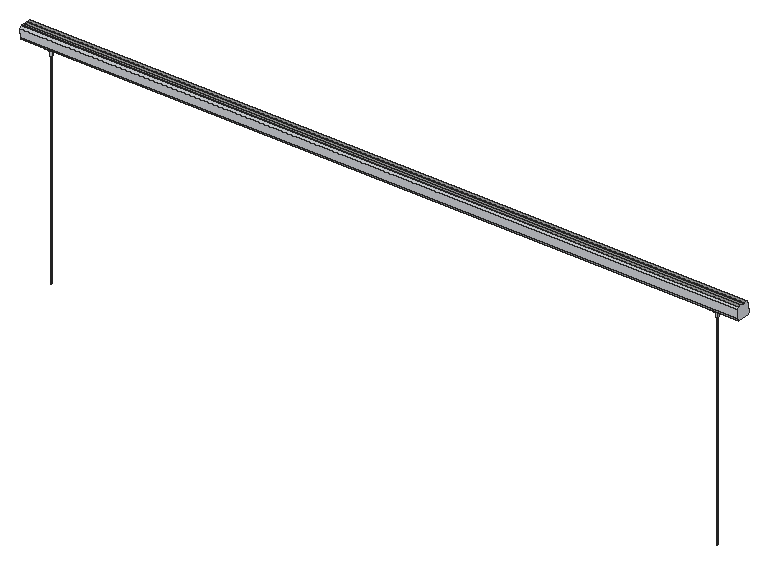
Revit family "0042540 Sylvania Lighting Fixture ISOLINE 3380MM 4K ASYL DA 8C", category Lighting Fixtures, host Face, Revit 2018
Family settings
  Host = Face
  Round Connector Dimension = Use Diameter
  Part Type = Normal
  OmniClass Number = 23.80.70.00
  OmniClass Title = Lighting
  Cut with Voids When Loaded = No
  Light Source = Yes
  Shared = No
  Room Calculation Point = No
Parameters (values of type "0042540 ISOLINE 3380MM 4K ASYL DA 8C")
  suspension height = 1000 mm
  spacer height = 5 mm
  spacer centres = 1000 mm
  height = 58.791 mm
  Width = 62 mm
  Weight = "n/a"
  Wattage Comments = ""
  Wattage = 9.2903 W
  WarrantyStartDate [instance] = "n/a"
  WarrantyGuarantorParts = "n/a"
  WarrantyDurationUnit = "n/a"
  WarrantyDurationParts = ""
  WarrantyDescription = "http://www.sylvania-lighting.com"
  built-in parameter 1150110 = 1 (stored number, unit not read)
  Voltage = 0 V
  URL = "0"
  TypeName = "ISOLINE 3380MM 4K ASYL DA 8C"
  Type Image = <None>
  Type Comments = "n/a"
  built-in parameter 1114217 = 1 (stored number, unit not read)
  Tilt Angle = 90.00°
  built-in parameter 1150109 = 1 (stored number, unit not read)
  built-in parameter 1150134 = 3
  built-in parameter 1150113 = 1 (stored number, unit not read)
  SerialNumber [instance] = "n/a"
  Photometric Web File = "0042540.ies"
  Material_3_FEILO = none
  PowerFactor = 0
  PowerConsumption = "Lighting"
  NominalLength = 62 mm
  NominalHeight = 0 mm
  NominalDepth = 0 mm
  Name = "ISOLINE 3380MM 4K ASYL DA 8C"
  ModelReference = Name  # "ISOLINE 3380MM 4K ASYL DA 8C"
  ModelNumber = "0042540"
  Model = Name  # "ISOLINE 3380MM 4K ASYL DA 8C"
  Material = "Feilo Sylvania"
  ManufacturerName = "143 lm/W"
  Manufacturer = ""
  LuminousEfficacy = ""
  built-in parameter 1150105 = 109.82 (stored number, unit not read)
  Lumens = 1380 lm
  LuminaireType = "0"
  built-in parameter 1150115 = 1 (stored number, unit not read)
  LightOutputRatio = "LED"
  built-in parameter 1150137 = (empty or 0)
  built-in parameter 1150139 = (empty or 0)
  Length = 3380 mm
  LampsType = Lamp  # "n/a"
  LampNominalLuminous = "4000 K"
  LampMacAdamStep = "80"
  LampColourTemperature = "LED"
  LampColourRenderingIndex = "16500"
  built-in parameter 1150112 = 1 (stored number, unit not read)
  built-in parameter 1150114 = 1 (stored number, unit not read)
  Lamp = "n/a"
  Keynote = "n/a"
  InstallationDate [instance] = "n/a"
  InputVoltage = "0"
  InputNominalFrequency = "4000"
  built-in parameter 1150132 = (empty or 0)
  built-in parameter 1150102 = (empty or 0)
  built-in parameter 1150107 = 3200 (stored number, unit not read)
  built-in parameter 1150138 = (empty or 0)
  IngressProtection = "IfcLightFixtureType"
  ImpactProtectionIndex = "IfcLightFixtureType"
  built-in parameter 1150106 = 1.0982 (stored number, unit not read)
  IfcExportType = "IfcLightFixtureType"
  IfcExportAs = "Class I"
  Height = 1000 mm
  ExpectedLife = 50000
  Emit from Circle Diameter = 609.6 mm
  Emit Shape Visible in Rendering = no
  ElectricShockClassification = "143"
  built-in parameter 1150104 = 13.8 (stored number, unit not read)
  DurationUnit = "hours"
  DocumentationLiterature = "http://www.sylvania-lighting.com/product/en-int/products/0042540"
  DimmingControlOptions = "n/a"
  Material_2_FEILO = none
  Dimming Lamp Color Temperature Shift = <None>
  Description = "Isoline LED linear DALI dimmable luminaire for industrial and commercial applications. 3380 mm lenght with asymmetrical (Left) optics provide homogenous light distribution for wide, shelf areas. Suitable for DALI Dimming. Aluminium housing, RAL 9016. Max + 35 °C operating temperature range, 4000 K, CRI 80, 3 SDMC. 112 W power consumption, 16000 lm luminous flux, 143 lm/W efficacy, 3380 mm x62 mm x 59 mm (L x W x H) dimensions, IP20, IK03, DC 50/60 Hz, Class I. Lifespan L70:B50 60,000 hours."
  Default Elevation = 1219.2 mm
  CreatedOn = "04/03/2021"
  CreatedBy = "@sylvania-lighting.com"
  Cost = 0
  Color Filter = 16777215
  built-in parameter 1114216 [instance] = (empty or 0)
  ClassificationValue = "EF_70_80"
  ClassificationName = "Uniclass2015"
  Material_1_FEILO = none
  BarCode [instance] = "n/a"
  built-in parameter 1114218 = 1 (stored number, unit not read)
  built-in parameter 1150133 = 10 (stored number, unit not read)
  AssetType = "Fixed"
  AssetIdentifier [instance] = "n/a"
  Assembly Code = "D5020200"
  Apparent Load = 112 VA
  Material_4_FEILO = none
Reference planes
  plane 1 "Center (Front/Back)": y = 0
  plane 2: z = 0
  plane 3 "Center (Left/Right)": x = 0
  plane 4: z = 0
  plane 5: z = 1000
  plane 6: y = 31
  plane 7: y = -31
  plane 8: x = -1690
  plane 9: x = 1690
  plane 10: x = -37.307
  plane 11: x = 55
  plane 12: z = 1058.791
  plane 13: z = 51
  plane 14: y = -27
  plane 15: y = 27
  plane 16: z = 12
  plane 17: y = -24.969
  plane 18: y = 25
  plane 19: y = 12
  plane 20: y = -12
  plane 21: z = 1.634
  plane 22: y = -8
  plane 23: y = 8
  plane 24: x = -1580
  plane 25: x = -1555
  plane 26: x = 1580
  plane 27: x = 1555
  plane 28: z = 995
  plane 29: y = 26.98
  plane 30: y = 16.98
  plane 31: y = -27.027
  plane 32: y = -17.004
  plane 33: z = 996.5
  plane 34: y = 26.002
  plane 35: y = -26.027
  plane 36: through (-1580, 7.965, 1219.2) normal (0.5391, 0.8423, 0)
  plane 37: through (-1555, 7.965, 1219.2) normal (0.5391, -0.8423, 0)
  plane 38: through (1555, 7.965, 1219.2) normal (0.5391, 0.8423, 0)
  plane 39: through (1580, 8, 1219.2) normal (0.5399, -0.8417, 0)
  plane 40: z = 1058.003
  plane 41: z = 1056.819
Forms (mm)
  Extrusion 1, solid, detail levels medium+fine
    sketch origin (-1690, -1523.717, -160.594) x (0, -1, -0.000261) y (0, 0.000261, -1)
      loop
        line (-1493, -1168.2) -> (-1497, -1160.2) -> (-1551, -1160.2) -> (-1555, -1168.2) -> (-1555, -1207.2) -> (-1549.109, -1218.982) -> (-1535.466, -1218.982) -> (-1532, -1217.566) -> (-1516, -1217.566) -> (-1512.511, -1218.991) -> (-1498.896, -1218.991) -> (-1493, -1207.2) -> (-1493, -1168.2)
    from 0 to 3380
  Extrusion 2, solid
    sketch origin (1555, 1524, 1219.189) x (0, 1, 0) y (0, 0, 1)
      loop
        line (-1497.021, -219.189) -> (-1498.02, -219.189) -> (-1507.02, -223.699) -> (-1541.004, -223.699) -> (-1550.017, -219.203) -> (-1551.02, -219.203) -> (-1541.004, -224.2) -> (-1507.02, -224.2) -> (-1497.021, -219.189)
    from 0 to 25
  Extrusion 3, solid
    sketch origin (-1580, 1524, 1219.189) x (0, 1, 0) y (0, 0, 1)
      loop
        line (-1497.021, -219.189) -> (-1498.02, -219.189) -> (-1507.02, -223.699) -> (-1541.004, -223.699) -> (-1550.017, -219.203) -> (-1551.02, -219.203) -> (-1541.004, -224.2) -> (-1507.02, -224.2) -> (-1497.021, -219.189)
    from 0 to 25
  Extrusion 4, solid
    sketch origin (4.2, 0, 0) x (1, 0, 0) y (0, 1, 0)
      loop
        circle (-1571.7, -0.035) r 5
    from 962.277 to 995
  Extrusion 5, solid
    sketch origin (3139.062, 0.065, 0) x (1, 0, 0) y (0, 1, 0)
      loop
        circle (-1571.7, -0.035) r 5
    from 962.277 to 995
  Extrusion 6, solid
    sketch origin (4.2, 0, 0) x (1, 0, 0) y (0, 1, 0)
      loop
        circle (-1571.7, -0.035) r 1.5
    from 0 to 962.277
  Extrusion 7, solid
    sketch origin (3139.076, 0.033, 0) x (1, 0, 0) y (0, 1, 0)
      loop
        circle (-1571.7, -0.035) r 1.5
    from 0 to 977.512
  Extrusion 8, solid, material "Glass, White, High Luminance", detail levels fine
    sketch origin (319, 1524, 1219.2) x (0, 1, 0) y (0, 0, 1)
      loop
        line (-1498.926, -160.099) -> (-1512.703, -160.099) -> (-1516.213, -161.534) -> (-1531.9, -161.534) -> (-1535.47, -160.114) -> (-1549.12, -160.114) -> (-1549.12, -161.197) -> (-1535.782, -161.197) -> (-1532.805, -162.381) -> (-1515.468, -162.381) -> (-1512.929, -161.197) -> (-1498.926, -161.197) -> (-1498.926, -160.099)
    from -2009 to 1371
  Extrusion 9, solid, detail levels coarse
    sketch origin (319, 1524, 1219.2) x (0, 1, 0) y (0, 0, 1)
      loop
        line (-1493, -160.052) -> (-1555, -160.052) -> (-1555, -1219.2) -> (-1493, -1219.2) -> (-1493, -160.052)
    from -2009 to 1371
Dimensions and locks
  "Width": plane 6 to plane 7
  equal spacing: plane 6, plane 1 "Center (Front/Back)", plane 7
  "Length": plane 8 to plane 9
  equal spacing: plane 8, plane 3 "Center (Left/Right)", plane 9
  "height": plane 12 to plane 5
  "suspension height": plane 5 to level
  aligned and locked: host face to plane 2
  aligned and locked: host face to level
Automatic sketch dimensions
  host sketch curve to host sketch curve = 3582.803 mm
  host sketch curve to host sketch curve = 2438.4 mm
  Extrusion 1 sketch curve to plane 29 = 0 mm
  Extrusion 1 sketch curve to plane 6 = 0.033 mm
  Extrusion 1 sketch curve to plane 12 = 11.778 mm
  Extrusion 1 sketch curve to Extrusion 1 sketch curve = 4 mm  (x2)
  Extrusion 1 sketch curve to Extrusion 1 sketch curve = 5.891 mm
  Extrusion 1 sketch curve to Extrusion 1 sketch curve = 13.643 mm
  Extrusion 1 sketch curve to Extrusion 1 sketch curve = 3.466 mm
  Extrusion 1 sketch curve to Extrusion 1 sketch curve = 16 mm
  Extrusion 1 sketch curve to Extrusion 1 sketch curve = 3.489 mm
  Extrusion 1 sketch curve to Extrusion 1 sketch curve = 13.615 mm
  Extrusion 1 sketch curve to Extrusion 1 sketch curve = 54 mm
  Extrusion 1 sketch curve to Extrusion 1 sketch curve = 47 mm
  Extrusion 1 sketch curve to Extrusion 1 sketch curve = 10.366 mm
  Extrusion 1 sketch curve to Extrusion 1 sketch curve = 1.425 mm
  Extrusion 1 sketch curve to Extrusion 1 sketch curve = 11.782 mm
  Extrusion 1 sketch curve to Extrusion 1 sketch curve = 8 mm  (x2)
  Extrusion 2 sketch curve to plane 32 = 0 mm  (x2)
  Extrusion 2 sketch curve to plane 30 = 0 mm  (x2)
  Extrusion 2 sketch curve to plane 5 = 0 mm
  Extrusion 2 sketch curve to plane 35 = 0.01 mm
  Extrusion 2 sketch curve to plane 31 = 0.007 mm
  plane 34 to Extrusion 2 sketch curve = 0.022 mm
  plane 29 to Extrusion 2 sketch curve = 0.001 mm
  Extrusion 2 sketch curve to plane 5 = 0.014 mm
  plane 28 to Extrusion 2 sketch curve = 0.489 mm
  Extrusion 2 sketch curve to plane 28 = 0.011 mm
  Extrusion 3 sketch curve to plane 32 = 0 mm  (x2)
  Extrusion 3 sketch curve to plane 30 = 0 mm  (x2)
  Extrusion 3 sketch curve to plane 5 = 0 mm
  Extrusion 3 sketch curve to plane 35 = 0.01 mm
  Extrusion 3 sketch curve to plane 31 = 0.007 mm
  plane 34 to Extrusion 3 sketch curve = 0.022 mm
  plane 29 to Extrusion 3 sketch curve = 0.001 mm
  Extrusion 3 sketch curve to plane 5 = 0.014 mm
  plane 28 to Extrusion 3 sketch curve = 0.489 mm
  Extrusion 3 sketch curve to plane 28 = 0.011 mm
  Extrusion 4 sketch curve to plane 36 = 0 mm
  plane 37 to Extrusion 4 sketch curve = 0 mm
  Extrusion 5 sketch curve to plane 1 "Center (Front/Back)" = 0.029 mm
  plane 27 to Extrusion 5 sketch curve = 12.362 mm
  Extrusion 6 sketch curve to plane 36 = 0 mm
  plane 37 to Extrusion 6 sketch curve = 0 mm
  plane 1 "Center (Front/Back)" to Extrusion 7 sketch curve = 0.002 mm
  plane 27 to Extrusion 7 sketch curve = 12.376 mm
  Extrusion 8 sketch curve to plane 40 = 0 mm  (x2)
  Extrusion 8 sketch curve to plane 41 = 0 mm
  plane 17 to Extrusion 8 sketch curve = 0.151 mm
  Extrusion 8 sketch curve to plane 20 = 0.218 mm
  plane 12 to Extrusion 8 sketch curve = 0.295 mm
  Extrusion 8 sketch curve to plane 20 = 0.53 mm
  plane 22 to Extrusion 8 sketch curve = 0.805 mm
  Extrusion 8 sketch curve to plane 22 = 0.1 mm
  plane 23 to Extrusion 8 sketch curve = 0.213 mm
  Extrusion 8 sketch curve to plane 23 = 0.532 mm
  plane 19 to Extrusion 8 sketch curve = 0.929 mm
  Extrusion 8 sketch curve to plane 18 = 0.074 mm
  plane 41 to Extrusion 8 sketch curve = 0.848 mm
  plane 19 to Extrusion 8 sketch curve = 0.703 mm
  plane 12 to Extrusion 8 sketch curve = 0.31 mm
  Extrusion 9 sketch curve to plane 7 = 0 mm
  Extrusion 9 sketch curve to plane 6 = 0 mm
  Extrusion 9 sketch curve to plane 33 = 996.5 mm
  plane 12 to Extrusion 9 sketch curve = 0.357 mm
  radius of Extrusion 4 sketch curve = 5 mm
  radius of Extrusion 5 sketch curve = 5 mm
  radius of Extrusion 6 sketch curve = 1.5 mm
  radius of Extrusion 7 sketch curve = 1.5 mm
Connectors
  electrical at (0, -0.02, 1000.004)
    settings: on Extrusion 1, index 1, voltage 0 V, apparent load 0 VA, apparent load phase1 0 VA, apparent load phase2 0 VA, apparent load phase3 0 VA, power factor 1, load classification "Other", number of poles 1, system type 31, power factor state 1, is connector primary yes, connector utility no, sub classification motor no, connector description ""
